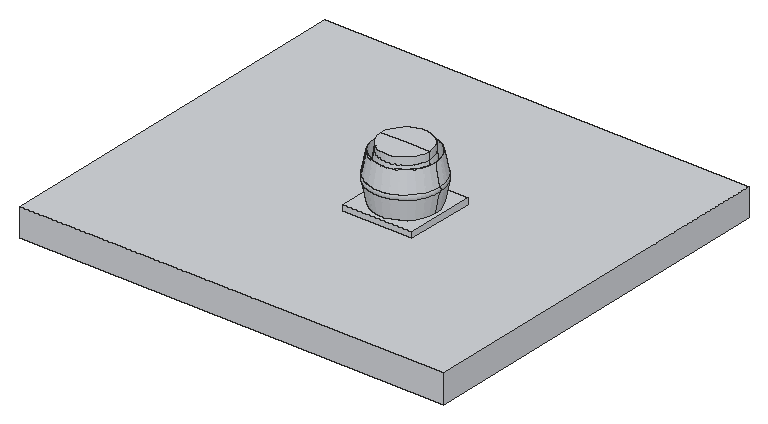
Revit family "M_Ventilador centrífugo - Cobertura - Vento acima", category Equipamento mecânico, Revit 2019
Family settings
  Hospedeiro = Face
  Cota do conector redondo = Utilizar diâmetro
  Tipo de parte = Normal
  Número OmniClass = 23.75.35.17.27
  Título OmniClass = Centrifugal Fans
  ID de item do Seek = Centrifugal Fan -  Rooftop  - Upblast-0000-CAN-ENU
  Corte com vazios quando carregada = Não
  Compartilhado = Não
  Ponto de cálculo do ambiente = Não
Parameters (values of type "991-1905 LPS")
  Voltagem = 460 V
  Classificação de carga = Refrigeração
  Pressão estática externa [instance] = 124.0 Pa
  Raio 1 = Diâmetro 1 / 2  # 330.2 mm
  Raio 2 = Diâmetro 2 / 2  # 298.4 mm
  RPM = 1564
  Altura total = 635 mm
  Número de pólos = 3
  Raio de meia tomada = Largura da saída / 2  # 225 mm
  Altura da meia entrada do exaustor = Largura da saída / 2  # 225 mm
  Fluxo de ar [instance] = 1905.0 L/s
  Raio do ventilador = 373 mm
  Material do ventilador = none
  Altura do ventilador = 489 mm
  Diâmetro do ventilador = Raio do ventilador * 2  # 746 mm
  Largura da saída = 450 mm
  Altura da saída = Largura da saída  # 450 mm
  Diâmetro 2 = 0.8 * Diâmetro do ventilador  # 596.8 mm
  Diâmetro 1 = 660.4 mm
  Elevação-padrão = 1200 mm
  Raio da cobertura = Diâmetro da cobertura / 2  # 261.1 mm
  Diâmetro da cobertura = 0.7 * Diâmetro do ventilador  # 522.2 mm
  Largura base = Diâmetro do ventilador  # 746 mm
  Carga aparente = 940 VA
Types (8, lengths in mm): name | Raio 1 | Raio 2 | RPM | Altura total | Raio de meia tomada | Altura da meia entrada do exaustor | Fluxo de ar | Raio do ventilador | Altura do ventilador | Diâmetro do ventilador | Largura da saída | Altura da saída | Diâmetro 2 | Diâmetro 1 | Raio da cobertura | Diâmetro da cobertura | Largura base | Carga aparente
  (no name) | 330.2 | 298.4 | 1564 | 635 | 225 | 225 | 1905.0 L/s | 373 | 489 | 746 | 450 | 450 | 596.8 | 660.4 | 261.1 | 522.2 | 746 | 940 VA
  991-1905 LPS | 330.2 | 298.4 | 1564 | 635 | 225 | 225 | 1905.0 L/s | 373 | 489 | 746 | 450 | 450 | 596.8 | 660.4 | 261.1 | 522.2 | 746 | 940 VA
  1254-2385 LPS | 381 | 360 | 1527 | 685 | 275 | 275 | 2385.0 L/s | 450 | 550 | 900 | 550 | 550 | 720 | 762 | 315 | 630 | 900 | 1250 VA
  1383-2808 LPS | 431.8 | 440 | 1303 | 770 | 325 | 325 | 2808.0 L/s | 550 | 648 | 1100 | 650 | 650 | 880 | 863.6 | 385 | 770 | 1100 | 1250 VA
  1427-4002 LPS | 431.8 | 440 | 1207 | 883 | 325 | 325 | 4002.0 L/s | 550 | 648 | 1100 | 650 | 650 | 880 | 863.6 | 385 | 770 | 1100 | 1880 VA
  2301-6238 LPS | 508 | 520 | 1027 | 990 | 400 | 400 | 6238.0 L/s | 650 | 750 | 1300 | 800 | 800 | 1040 | 1016 | 455 | 910 | 1300 | 3130 VA
  3870-9259 LPS | 584.2 | 636 | 840 | 1178 | 475 | 475 | 9259.0 L/s | 795 | 953 | 1590 | 950 | 950 | 1272 | 1168.4 | 556.5 | 1113 | 1590 | 4700 VA
  4618-12768 LPS | 711.2 | 741.6 | 661 | 1311 | 600 | 600 | 12768.0 L/s | 927 | 1016 | 1854 | 1200 | 1200 | 1483.2 | 1422.4 | 648.9 | 1297.8 | 1854 | 6270 VA
Reference planes
  plane 1 "Centro (Frente/Trás)": y = 0
  plane 2: z = 0
  plane 3 "Centro (Esquerda/Direita)": x = 0
  plane 4: y = 373
  plane 5: y = -373
  plane 6: z = 63.5
  plane 7: z = 635
  plane 8: z = 558.8
  plane 9: z = 552.5
  plane 10: x = -330.2
  plane 11: z = 308
  plane 12: x = -373
  plane 13: z = 333.4
  plane 14: z = 282.6
  plane 15: x = 261.1
  plane 16: x = 298.4
  plane 17: x = -327.025
  plane 18: x = -369.825
  plane 19: x = -373
  plane 20: x = 373
  plane 21: x = -225
  plane 22: x = 225
  plane 23: y = 225
  plane 24: y = -225
Forms (mm)
  Extrusion 1, solid
    sketch origin (0, 0, 0) x (1, 0, 0) y (0, 1, 0)
      loop
        line (-2541.525, 2090.675) -> (-2541.525, -2011.245) -> (2024.337, -2011.245) -> (2024.337, 2090.675) -> (-2541.525, 2090.675)
    from 0 to -304.8
  Extrusion 2, solid, material <- "Material do ventilador"
    sketch origin (0, 0, 0) x (1, 0, 0) y (0, 1, 0)
      loop
        line (-373, 373) -> (-373, -373) -> (373, -373) -> (373, 373) -> (-373, 373)
    from 0 to 63.5
  Extrusion 3, void
    sketch origin (0, 0, 0) x (1, 0, 0) y (0, 1, 0)
      loop
        circle (0, 0) r 225
    from 0 to 333.4
  Revolve 4, solid, material <- "Material do ventilador"
    sketch origin (0, 0, 0) x (1, 0, 0) y (0, 0, 1)
      loop
        line (0, 552.5) -> (-330.2, 552.5) -> (-373, 333.4)
        arc (-373, 333.4) -> (-378.653, 308) -> (-373, 282.6) r 59.891
        line (-373, 282.6) -> (-330.2, 63.5) -> (0, 63.5) -> (0, 552.5)
      axis (0, 552.5) -> (0, 63.5)
    angle from 0 to 360
  Revolve 5, void
    sketch origin (0, 0, 0) x (1, 0, 0) y (0, 0, 1)
      loop
        line (0, 552.5) -> (-327.025, 552.5) -> (-369.825, 333.4) -> (0, 333.4) -> (0, 552.5)
      axis (0, 552.5) -> (0, 333.4)
    angle from 0 to 360
  Revolve 6, solid, material <- "Material do ventilador"
    sketch origin (0, 0, 0) x (1, 0, 0) y (0, 0, 1)
      loop
        line (298.4, 333.4) -> (261.1, 558.8) -> (261.1, 635) -> (0, 635) -> (0, 333.4) -> (298.4, 333.4)
      axis (0, 635) -> (0, 333.4)
    angle from 0 to 360
Cuts and joins
  Extrusion 3 cuts Extrusion 2
  Revolve 5 cuts Revolve 4
  joined: Extrusion 2, Revolve 4, Revolve 6
Lines and regions (mm)
  symbolic lines
    curve 1: line (-373, 373, 0) -> (373, 373, 0)
    curve 2: line (-373, -373, 0) -> (-373, 373, 0)
    curve 3: line (373, -373, 0) -> (-373, -373, 0)
    curve 4: line (373, 373, 0) -> (373, -373, 0)
    curve 9: circle (0, 0, 0) r 373 normal (0, 0, 1)
  symbolic lines, detail levels coarse+medium
    curve 5: line (-225, 225, 0) -> (225, 225, 0)
    curve 6: line (-225, -225, 0) -> (-225, 225, 0)
    curve 7: line (225, -225, 0) -> (-225, -225, 0)
    curve 8: line (225, 225, 0) -> (225, -225, 0)
    curve 10: line (-225, 225, 0) -> (225, -225, 0)
    curve 11: line (225, 225, 0) -> (-225, -225, 0)
  symbolic lines, detail levels fine
    curve 12: circle (0, 0, 0) r 298.4 normal (0, 0, 1)
    curve 13: circle (0, 0, 0) r 261.1 normal (0, 0, 1)
    curve 14: circle (0, 0, 0) r 225 normal (0, 0, 1)
Dimensions and locks
  equal spacing: plane 4, plane 1 "Centro (Frente/Trás)", plane 5
  locked: plane 6 to plane 2 at 63.5
  locked: plane 7 to plane 8 at 76.2
  "Altura do ventilador": plane 9 to plane 6
  "Raio 1": plane 3 "Centro (Esquerda/Direita)" to plane 10
  "Raio do ventilador": plane 3 "Centro (Esquerda/Direita)" to plane 12
  equal spacing: plane 9, plane 11, plane 6
  plane 13 to plane 11 to plane 14 = 25.4 mm locked, 25.4 mm locked
  "Raio da cobertura": plane 15 to plane 3 "Centro (Esquerda/Direita)"
  "Raio 2": plane 16 to plane 3 "Centro (Esquerda/Direita)"
  locked: plane 17 to plane 10 at 3.175
  locked: plane 18 to plane 12 at 3.175
  "Raio do ventilador": plane 4 to plane 1 "Centro (Frente/Trás)"
  equal spacing: plane 19, plane 3 "Centro (Esquerda/Direita)", plane 20
  "Raio do ventilador": plane 19 to plane 3 "Centro (Esquerda/Direita)"
  "Altura total": plane 7 to plane 2
  equal spacing: plane 21, plane 3 "Centro (Esquerda/Direita)", plane 22
  "Largura da saída": plane 21 to plane 22
  equal spacing: plane 24, plane 1 "Centro (Frente/Trás)", plane 23
  "Altura da saída": plane 24 to plane 23
  "Altura da meia entrada do exaustor": radius of Extrusion 3 sketch curve
  "Raio do ventilador": radius of curve 9
  "Raio 2": radius of curve 12
  "Raio da cobertura": radius of curve 13
  "Altura da meia entrada do exaustor": radius of curve 14
  aligned and locked: Extrusion 1 to plane 2
  aligned and locked: Extrusion 1 to level
  aligned and locked: Extrusion 2 sketch curve to plane 4
  aligned and locked: plane 5 to Extrusion 2 sketch curve
  aligned and locked: plane 6 to Extrusion 2
  aligned and locked: plane 3 "Centro (Esquerda/Direita)" to Extrusion 3 sketch curve
  aligned and locked: plane 1 "Centro (Frente/Trás)" to Extrusion 3 sketch curve
  aligned and locked: plane 13 to Extrusion 3
  aligned and locked: Revolve 4 sketch curve to Revolve 4 sketch curve
  aligned and locked: Revolve 5 sketch curve to Revolve 5 sketch curve
  aligned and locked: plane 13 to Revolve 5 sketch curve
  aligned and locked: Revolve 6 sketch curve to Revolve 6 sketch curve
  aligned and locked: Extrusion 2 to plane 20
  aligned and locked: Extrusion 2 to plane 19
  aligned and locked: plane 21 to curve 5
  aligned and locked: plane 23 to curve 5
  aligned and locked: plane 24 to curve 8
  aligned and locked: curve 8 to plane 22
  aligned and locked: plane 3 "Centro (Esquerda/Direita)" to curve 9
  aligned and locked: plane 1 "Centro (Frente/Trás)" to curve 9
  aligned and locked: Extrusion 3 to level
Automatic sketch dimensions
  Revolve 4 sketch curve to plane 12 = 0 mm  (x2)
  Revolve 4 sketch curve to plane 11 = 0 mm
  Revolve 4 sketch curve to plane 6 = 0 mm  (x2)
  Revolve 4 sketch curve to plane 10 = 0 mm  (x2)
  Revolve 4 sketch curve to plane 9 = 0 mm  (x2)
  Revolve 4 sketch curve to plane 3 "Centro (Esquerda/Direita)" = 0 mm
  Revolve 4 sketch curve to plane 14 = 0 mm
  plane 12 to Revolve 4 sketch curve = 54.238 mm
  Revolve 5 sketch curve to plane 18 = 0 mm
  Revolve 5 sketch curve to plane 9 = 0 mm  (x2)
  Revolve 5 sketch curve to plane 17 = 0 mm
  Revolve 5 sketch curve to plane 3 "Centro (Esquerda/Direita)" = 0 mm
  Revolve 5 sketch curve to plane 13 = 0 mm
  Revolve 6 sketch curve to plane 3 "Centro (Esquerda/Direita)" = 0 mm
  Revolve 6 sketch curve to plane 7 = 0 mm  (x2)
  Revolve 6 sketch curve to plane 15 = 0 mm
  Revolve 6 sketch curve to plane 13 = 0 mm  (x2)
  Revolve 6 sketch curve to plane 16 = 0 mm
  Revolve 6 sketch curve to plane 8 = 0 mm
  Extrusion 2 sketch curve to plane 12 = 0 mm
  plane 16 to Extrusion 2 sketch curve = 74.6 mm
  curve 9 to curve 12 = 0 mm  (x2)
  curve 9 to curve 13 = 0 mm  (x2)
  curve 9 to curve 14 = 0 mm  (x2)
  curve 3 to plane 5 = 0 mm
  curve 3 to plane 12 = 0 mm
  curve 3 to plane 20 = 0 mm
  curve 2 to plane 4 = 0 mm
  Extrusion 1 sketch curve to Extrusion 1 sketch curve = 4565.862 mm
  Extrusion 1 sketch curve to Extrusion 1 sketch curve = 4101.92 mm
Connectors
  hvac at (0, 0, 63.5), driven by "Fluxo de ar", driven by "Altura da saída", driven by "Largura da saída"
    settings: on cut or joined group of Extrusion 2, Extrusion 3, Revolve 4, Revolve 5, Revolve 6, index 1, duct flow 1905.0 L/s, flow factor 0, pres drop -124.0 Pa, loss coef 0, conn angle 0.00°, conn width 450 mm, conn height 450 mm, conn diameter 609.6 mm, duct sys type 3, conn prof type 1, flow config 0, flow direction 1, loss method 0, conn ref index -1, conn util no, is conn primary yes, conn desc ""
  electrical at (0, 0, 635), driven by "Voltagem", driven by "Carga aparente", driven by "Número de pólos", driven by "Classificação de carga"
    settings: on cut or joined group of Extrusion 2, Extrusion 3, Revolve 4, Revolve 5, Revolve 6, index 2, voltage 460 V, apparent load 940 VA, apparent load phase1 0 VA, apparent load phase2 0 VA, apparent load phase3 0 VA, power factor 0.8, load classification "Refrigeração", number of poles 3, system type 30, power factor state 1, is connector primary yes, connector utility no, sub classification motor no, connector description ""
